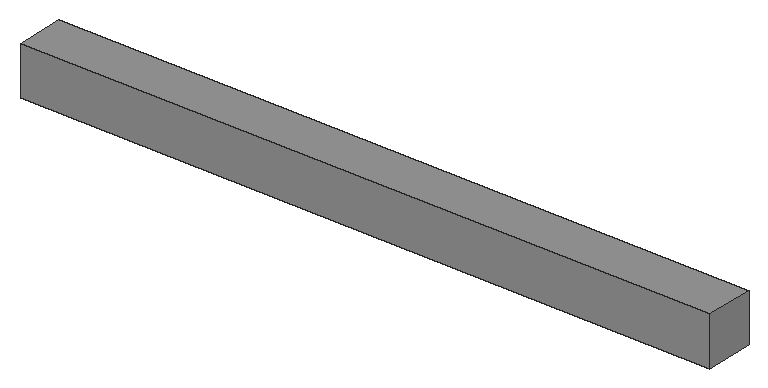
Revit family "63_UN_LF_Power Stripelite 9_LI", category Lighting Fixtures, Revit 2019
Family settings
  Round Connector Dimension = Use Diameter
  Part Type = Normal
  OmniClass Number = 23.80.70.11.14.11
  OmniClass Title = Downlights
  Work Plane-Based = No
  Always vertical = Yes
  Cut with Voids When Loaded = No
  Light Source = Yes
  Shared = No
  Room Calculation Point = Yes
Parameters (values of type "Power Stripelite 9 opaal")
  Wattage Comments = "12"
  Wattage = 3.36605 W
  built-in parameter 1150110 = 1 (stored number, unit not read)
  Voltage = 230 V
  URL = "https://lightinternational.nl/producten/opbouw-armaturen/power-stripelite/#39-power-stripelite-9"
  Type Comments = "Power Stripelite 9"
  built-in parameter 1114217 = 1 (stored number, unit not read)
  Tilt Angle = 90.00°
  built-in parameter 1150109 = 1 (stored number, unit not read)
  built-in parameter 1150134 = 3
  Symbol_ToScale [instance] = not(Symbol_RealSize)  # no
  Symbol_RealSize [instance] = yes
  Switch Code [instance] = ""
  built-in parameter 1150113 = 1 (stored number, unit not read)
  Photometric Web File = "PSL9_O_LDT.ies"
  Model = "Power Stripelite"
  Manufacturer = "Light International"
  built-in parameter 1150105 = 39.789 (stored number, unit not read)
  Luminous Flux (lm) = 1920 lm
  Lumens = 1920 lm
  built-in parameter 1150115 = 1 (stored number, unit not read)
  Luminaire Code [instance] = ""
  built-in parameter 1150137 = (empty or 0)
  built-in parameter 1150139 = (empty or 0)
  built-in parameter 1150112 = 1 (stored number, unit not read)
  built-in parameter 1150114 = 1 (stored number, unit not read)
  Lamp = "LED"
  L3 = 5 mm
  L2 = 65 mm
  L1 = 925 mm
  built-in parameter 1150132 = 2
  built-in parameter 1150102 = (empty or 0)
  built-in parameter 1150107 = 4000 (stored number, unit not read)
  built-in parameter 1150138 = (empty or 0)
  built-in parameter 1150106 = 0.39789 (stored number, unit not read)
  IfcExportType = "USERDEFINED"
  IfcExportAs = "IfcLightFixtureType"
  ISBN Code = "ISBNCODE"
  IP Value = "IP65"
  IK Value = "IK16"
  Housing_Material = Select RGB Value for different appearance
  H1 = 65 mm
  GTIN Code = "GTINCODE"
  Emit from Rectangle Width = L2 - (L3 * 2)  # 55 mm
  Emit from Rectangle Length = L1 - (L3 * 2)  # 915 mm
  Emit Shape Visible in Rendering = no
  built-in parameter 1150104 = 13.8 (stored number, unit not read)
  ETIM Code = "ETIMCODE"
  Dimming Lamp Color Temperature Shift = <None>
  Description = "DALI | 1-10V"
  Content Creator® = "www.ivlibrary.com"
  Color Filter = 16777215
  Calc_L2_Symbol = L2 / 100  # 0.65 mm
  Calc_L1_Symbol = L1 / 100  # 9.25 mm
  built-in parameter 1114218 = 1 (stored number, unit not read)
  built-in parameter 1150133 = 10 (stored number, unit not read)
  Assembly Code = "63.0"
  Apparent Load = 12 VA
Reference planes
  plane 1 "Center (Front/Back)": y = 0
  plane 2: z = 0
  plane 3 "Center (Left/Right)": x = 0
  plane 4: x = -457.5
  plane 5: x = 457.5
  plane 6: y = 27.5
  plane 7: y = -27.5
  plane 8: x = -462.5
  plane 9: x = 462.5
  plane 10: y = -32.5
  plane 11: y = 32.5
Lines and regions (mm)
  symbolic lines, visible <- "Symbol_RealSize"
    curve 1: line (-462.5, -32.5, 0) -> (462.5, -32.5, 0)
    curve 2: line (-462.5, 32.5, 0) -> (-462.5, -32.5, 0)
    curve 3: line (462.5, 32.5, 0) -> (-462.5, 32.5, 0)
    curve 4: line (462.5, -32.5, 0) -> (462.5, 32.5, 0)
Dimensions and locks
  equal spacing: plane 11, plane 1 "Center (Front/Back)", plane 10
  equal spacing: plane 8, plane 3 "Center (Left/Right)", plane 9
  "L1": plane 8 to plane 9
  "L2": plane 11 to plane 10
  "L3": plane 8 to plane 4
  "L3": plane 5 to plane 9
  "L3": plane 6 to plane 11
  "L3": plane 7 to plane 10
  "H1": level to imposter light
  aligned and locked: level to plane 2
  aligned and locked: level to nested 2
Automatic sketch dimensions
  curve 3 to plane 8 = 0 mm
  curve 1 to plane 9 = 0 mm
  curve 2 to plane 10 = 0 mm
  plane 11 to curve 2 = 0 mm
Nested families
  nested 1: "Parametric Light-Line Symbol" at (0, 0, 0), L1 <- "Calc_L1_Symbol", L2 <- "Calc_L2_Symbol", visible <- "Symbol_ToScale", type "Parametric LED Panel Symbol"
    with L2 0.65 mm, L1 9.25 mm
  nested 2: "SM Light-line Geometry" at (0, 0, 0), type "Type Catalog"
    with Symbol_ToScale no, Symbol_RealSize yes, Switch Code "", Luminaire Code "", L3 5 mm, L2 65 mm, L1 925 mm, H1 65 mm, Calc_L2_Symbol 0.65 mm, Calc_L1_Symbol 9.25 mm
Connectors
  electrical at (0, 0, 0), driven by "Voltage", driven by "Apparent Load"
    settings: index 1, voltage 230 V, apparent load 0 VA, apparent load phase1 12 VA, apparent load phase2 0 VA, apparent load phase3 0 VA, power factor 1, load classification "Lighting", number of poles 1, system type 31, power factor state 1, is connector primary yes, connector utility no, sub classification motor no, connector description ""
Definition of nested family "SM Light-line Geometry"
  Parameters (values of type "Type Catalog")
    Wattage Comments = "19W"
    Voltage = 230 V
    URL = "https://www.ivlibrary.com/"
    Type Comments = "TYPENAME"
    Symbol_ToScale [instance] = not(Symbol_RealSize)  # no
    Symbol_RealSize [instance] = yes
    Switch Code [instance] = ""
    Model = "FAMILYNAME"
    Manufacturer = "MANUFACTURER"
    Luminous Flux (lm) = 500 lm
    Luminaire Code [instance] = ""
    Lamp = "LED"
    LED Panel = yes
    L3 = 7.5 mm
    L2 = 100 mm
    L1 = 1500 mm
    IfcExportType = "USERDEFINED"
    IfcExportAs = "IfcLightFixtureType"
    ISBN Code = "ISBNCODE"
    IP Value = "IPVALUE"
    IK Value = "IKVALUE"
    Housing_Material = none
    H1 = 80 mm
    GTIN Code = "GTINCODE"
    ETIM Code = "ETIMCODE"
    Description = ""
    Content Creator® = "www.ivlibrary.com"
    Calc_L2_Symbol = L2 / 100  # 1 mm
    Calc_L1_Symbol = L1 / 100  # 15 mm
    Assembly Code = "63.0"
    Apparent Load = 19 VA
  Reference planes
    plane 1 "Center (Front/Back)": y = 0
    plane 2: z = 0
    plane 3 "Center (Left/Right)": x = 0
    plane 4: x = -742.5
    plane 5: x = 742.5
    plane 6: y = 42.5
    plane 7: y = -42.5
    plane 8: x = -750
    plane 9: x = 750
    plane 10: y = -50
    plane 11: y = 50
  Forms (mm)
    Extrusion 1, solid, material <- "Housing_Material"
      sketch origin (0, 0, -77) x (1, 0, 0) y (0, 1, 0)
        loop
          line (-742.5, 42.5) -> (-742.5, -42.5) -> (742.5, -42.5) -> (742.5, 42.5) -> (-742.5, 42.5)
      from -2.103 to 77
    Extrusion 2, solid, material <- "Housing_Material"
      sketch origin (0, 0, -243) x (1, 0, 0) y (0, 1, 0)
        loop
          line (-742.5, 42.5) -> (-742.5, -42.5) -> (742.5, -42.5) -> (742.5, 42.5) -> (-742.5, 42.5)
        loop
          line (-750, -50) -> (750, -50) -> (750, 50) -> (-750, 50) -> (-750, -50)
      from 243 to 163
    Extrusion 3, solid
      sketch origin (0, 0, -79.5) x (1, 0, 0) y (0, 1, 0)
        loop
          line (-742.5, 42.5) -> (-742.5, -42.5) -> (742.5, -42.5) -> (742.5, 42.5) -> (-742.5, 42.5)
      from 0.397 to -0.5
  Cuts and joins
    joined: Extrusion 1, Extrusion 2
  Lines and regions (mm)
    symbolic lines, visible <- "Symbol_RealSize"
      curve 1: line (-750, -50, 0) -> (750, -50, 0)
      curve 2: line (-750, 50, 0) -> (-750, -50, 0)
      curve 3: line (750, 50, 0) -> (-750, 50, 0)
      curve 4: line (750, -50, 0) -> (750, 50, 0)
  Dimensions and locks
    equal spacing: plane 11, plane 1 "Center (Front/Back)", plane 10
    equal spacing: plane 8, plane 3 "Center (Left/Right)", plane 9
    "L1": plane 8 to plane 9
    "L2": plane 11 to plane 10
    "L3": plane 8 to plane 4
    "L3": plane 5 to plane 9
    "L3": plane 6 to plane 11
    "L3": plane 7 to plane 10
    "H1": level to Extrusion 2
    Extrusion 1 to Extrusion 2 = 0.897 mm
    locked: Extrusion 3 to Extrusion 2 at 0.897
    aligned and locked: level to plane 2
    aligned and locked: level to Extrusion 2
    aligned and locked: Extrusion 2 to Extrusion 3
    aligned and locked: Extrusion 1 to Extrusion 3
  Automatic sketch dimensions
    curve 3 to plane 8 = 0 mm
    curve 3 to plane 9 = 0 mm
    curve 1 to plane 10 = 0 mm
    plane 11 to curve 3 = 0 mm
    Extrusion 1 sketch curve to plane 4 = 0 mm
    Extrusion 1 sketch curve to plane 5 = 0 mm
    Extrusion 1 sketch curve to plane 7 = 0 mm
    Extrusion 1 sketch curve to plane 6 = 0 mm
    Extrusion 2 sketch curve to plane 8 = 0 mm
    Extrusion 2 sketch curve to plane 4 = 0 mm
    Extrusion 2 sketch curve to plane 5 = 0 mm
    Extrusion 2 sketch curve to plane 9 = 0 mm
    Extrusion 2 sketch curve to plane 10 = 0 mm
    Extrusion 2 sketch curve to plane 7 = 0 mm
    Extrusion 2 sketch curve to plane 6 = 0 mm
    plane 11 to Extrusion 2 sketch curve = 0 mm
    Extrusion 3 sketch curve to plane 4 = 0 mm
    Extrusion 3 sketch curve to plane 5 = 0 mm
    Extrusion 3 sketch curve to plane 7 = 0 mm
    Extrusion 3 sketch curve to plane 6 = 0 mm
  Nested families
    nested 1: "Parametric Light-Line Symbol" at (0, 0, 0), L1 <- "Calc_L1_Symbol", L2 <- "Calc_L2_Symbol", visible <- "Symbol_ToScale", type "Parametric LED Panel Symbol"
      with L2 1 mm, L1 15 mm
  Connectors
    electrical at (0, 0, 0), driven by "Voltage", driven by "Apparent Load"
      settings: index 2, voltage 230 V, apparent load 0 VA, apparent load phase1 19 VA, apparent load phase2 0 VA, apparent load phase3 0 VA, power factor 1, load classification none, number of poles 1, system type 31, power factor state 1, is connector primary yes, connector utility no, sub classification motor no, connector description ""
  Definition of nested family "Parametric Light-Line Symbol"
    Parameters (values of type "Parametric LED Panel Symbol")
      L2 [instance] = 4.484 mm
      L1 [instance] = 6.437 mm
    Reference planes
      plane 1: y = 0
      plane 2: x = 0
    Lines and regions (mm)
      detail lines
        curve 1: line (-3.219, 2.242, 0) -> (3.219, 2.242, 0)
        curve 2: line (-3.219, -2.242, 0) -> (-3.219, 2.242, 0)
        curve 3: line (3.219, -2.242, 0) -> (-3.219, -2.242, 0)
        curve 4: line (3.219, 2.242, 0) -> (3.219, -2.242, 0)
    Dimensions and locks
      equal spacing: curve 2, plane 2, curve 4
      equal spacing: curve 3, plane 1, curve 1
      "L1": curve 2 to curve 4
      "L2": curve 3 to curve 1
Definition of nested family "Parametric Light-Line Symbol"
  Parameters (values of type "Parametric LED Panel Symbol")
    L2 [instance] = 4.484 mm
    L1 [instance] = 6.437 mm
  Reference planes
    plane 1: y = 0
    plane 2: x = 0
  Lines and regions (mm)
    detail lines
      curve 1: line (-3.219, 2.242, 0) -> (3.219, 2.242, 0)
      curve 2: line (-3.219, -2.242, 0) -> (-3.219, 2.242, 0)
      curve 3: line (3.219, -2.242, 0) -> (-3.219, -2.242, 0)
      curve 4: line (3.219, 2.242, 0) -> (3.219, -2.242, 0)
  Dimensions and locks
    equal spacing: curve 2, plane 2, curve 4
    equal spacing: curve 3, plane 1, curve 1
    "L1": curve 2 to curve 4
    "L2": curve 3 to curve 1
